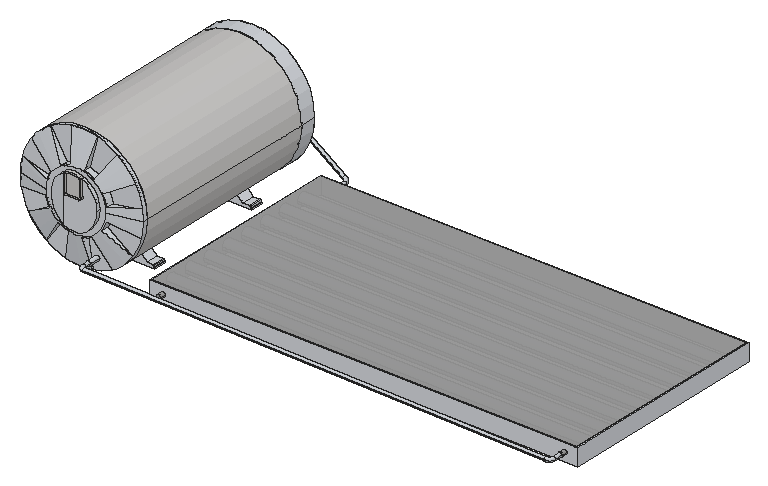
Revit family
Parameters (values of type "1070 X 594 SOL-150-DC")
  Number Of Solar Collector Panels (m2) = "1 X SOL-panel-2"
  Heater Diameter = Height - 14 mm  # 580 mm
  URL = "http://www.autospec.co.za/browse.php?id=201327504"
  Product Code = "SOL-150-DIR"
  Operating Pressure = 400 kPa
  OmniClass Title = ""
  OmniClass Number = ""
  Modspec Classification = ""
  Specification = ""
  Material = Galvanised Steel
  Mass (Kg) = "42"
  Location (revit room) = ""
  Model = "Solar Water Heater Direct System 150 Litres"
  Manufacturer = "Kwikot"  # constant formula
  Length = 1070 mm
  Height = 594 mm
  Element Rating = 2 kW
  Hot Water Pipe Radius = Hot Water Pipe Diameter / 2  # 10 mm
  Cold Water Pipe Radius = Cold Water Pipe Diameter / 2  # 10 mm
  Hot Water Pipe Diameter = 20 mm
  Cold Water Pipe Diameter = 20 mm
  Cap Material = Metal Cap - Steel
  Colour = none
  Capacity (Litres) = 150.00 L
  Body Finish = none
  Base Mounting = 565 mm
  Assembly Code = "D3010500"
Reference planes
  plane 1 "Center (Front/Back)": y = 0
  plane 2 "Bottom": z = 0
  plane 3 "Center (Left/Right)": x = 0
  plane 4 "Right": x = 580
  plane 5: y = 1070
  plane 6 "Top": z = 594
  plane 7: x = 290
  plane 8: z = 14
  plane 9: z = 304
  plane 10: y = 535
  plane 11: y = 970
  plane 12: y = 65
  plane 13: y = 817.5
  plane 14: y = 252.5
  plane 15: x = 467.5
  plane 16: x = 112.5
  plane 17: z = 80
  plane 18: y = 50
  plane 19: y = 15
  plane 20: y = 1045
Forms (mm)
  Extrusion 1, solid, material "Galvanised Steel"
    sketch origin (-115.446, 535, 1200) x (-1, 0, 0) y (0, 0, 1)
      loop
        circle (-405.446, -896) r 290
    from -470 to 435
  Extrusion 2, solid
    sketch origin (-115.446, 252.5, 1200) x (-1, 0, 0) y (0, 0, 1)
      loop
        line (-202.946, -1200) -> (-202.946, -1197) -> (-205.446, -1197)
        arc (-205.446, -1197) -> (-207.567, -1196.121) -> (-208.446, -1194) r 3
        line (-208.446, -1194) -> (-208.446, -1189)
        arc (-208.446, -1189) -> (-209.325, -1186.879) -> (-211.446, -1186) r 3
        line (-211.446, -1186) -> (-242.946, -1186) -> (-274.296, -1154.65)
        arc (-274.296, -1154.65) -> (-405.446, -1186) -> (-536.596, -1154.65) r 290
        line (-536.596, -1154.65) -> (-567.946, -1186) -> (-599.446, -1186)
        arc (-599.446, -1186) -> (-601.567, -1186.879) -> (-602.446, -1189) r 3
        line (-602.446, -1189) -> (-602.446, -1194)
        arc (-602.446, -1194) -> (-603.325, -1196.121) -> (-605.446, -1197) r 3
        line (-605.446, -1197) -> (-607.946, -1197) -> (-607.946, -1200) -> (-202.946, -1200)
    from -30 to 30
  Extrusion 3, solid
    sketch origin (-115.446, 817.5, 1200) x (-1, 0, 0) y (0, 0, 1)
      loop
        line (-607.946, -1200) -> (-202.946, -1200) -> (-202.946, -1197) -> (-205.446, -1197)
        arc (-205.446, -1197) -> (-207.567, -1196.121) -> (-208.446, -1194) r 3
        line (-208.446, -1194) -> (-208.446, -1189)
        arc (-208.446, -1189) -> (-209.325, -1186.879) -> (-211.446, -1186) r 3
        line (-211.446, -1186) -> (-242.946, -1186) -> (-274.296, -1154.65)
        arc (-274.296, -1154.65) -> (-405.446, -1186) -> (-536.596, -1154.65) r 290
        line (-536.596, -1154.65) -> (-567.946, -1186) -> (-599.446, -1186)
        arc (-599.446, -1186) -> (-601.567, -1186.879) -> (-602.446, -1189) r 3
        line (-602.446, -1189) -> (-602.446, -1194)
        arc (-602.446, -1194) -> (-603.325, -1196.121) -> (-605.446, -1197) r 3
        line (-605.446, -1197) -> (-607.946, -1197) -> (-607.946, -1200)
    from -30 to 30
  Revolve 4, solid
    sketch origin (-107.909, 2594, 304) x (-1, 0, 0) y (0, -1, 0)
      loop
        line (-107.909, 1624) -> (-397.909, 1624) -> (-397.909, 1549) -> (-107.909, 1549) -> (-107.909, 1624)
      axis (-397.909, 1624) -> (-397.909, 1549)
    angle from 0 to 360
  Extrusion 5, solid
    sketch origin (0, 0, 0) x (1, 0, 0) y (0, 0, 1)
      loop
        circle (360, 74) r 10
    from -50 to 0
  Extrusion 6, solid
    sketch origin (-115.446, 1070, 1200) x (-1, 0, 0) y (0, 0, 1)
      loop
        circle (-405.446, -896) r 10
    from 0 to 15
  Blend 7, solid
    base sketch origin (-115.446, 15, 1200) x (-1, 0, 0) y (0, 0, 1)
      loop
        circle (-405.446, -896) r 140
    top sketch origin (-115.446, 15, 1200) x (-1, 0, 0) y (0, 0, 1)
      loop
        circle (-405.446, -896) r 290
    from 0 to 35
  Extrusion 8, void
    sketch origin (-115.446, 15, 1200) x (1, 0, 0) y (0, 0, 1)
      loop
        arc (442.975, -755.941) -> (466.725, -764.585) -> (488.614, -777.223) r 145
        line (488.614, -777.223) -> (571.783, -658.446)
        arc (571.783, -658.446) -> (528.005, -633.171) -> (480.503, -615.882) r 290
        line (480.503, -615.882) -> (442.975, -755.941)
    from 0 to -35
  Extrusion 9, void
    sketch origin (636.874, 15, 1224.261) x (0.707107, 0, -0.707107) y (0.707107, 0, 0.707107)
      loop
        arc (442.975, -755.941) -> (466.725, -764.585) -> (488.614, -777.223) r 145
        line (488.614, -777.223) -> (571.783, -658.446)
        arc (571.783, -658.446) -> (528.005, -633.171) -> (480.503, -615.882) r 290
        line (480.503, -615.882) -> (442.975, -755.941)
    from 0 to -35
  Extrusion 10, void
    sketch origin (1186, 15, 709.446) x (0, 0, -1) y (1, 0, 0)
      loop
        arc (442.975, -755.941) -> (466.725, -764.585) -> (488.614, -777.223) r 145
        line (488.614, -777.223) -> (571.783, -658.446)
        arc (571.783, -658.446) -> (528.005, -633.171) -> (480.503, -615.882) r 290
        line (480.503, -615.882) -> (442.975, -755.941)
    from 0 to -35
  Extrusion 11, void
    sketch origin (1210.261, 15, -42.874) x (-0.707107, 0, -0.707107) y (0.707107, 0, -0.707107)
      loop
        arc (442.975, -755.941) -> (466.725, -764.585) -> (488.614, -777.223) r 145
        line (488.614, -777.223) -> (571.783, -658.446)
        arc (571.783, -658.446) -> (528.005, -633.171) -> (480.503, -615.882) r 290
        line (480.503, -615.882) -> (442.975, -755.941)
    from 0 to -35
  Extrusion 12, void
    sketch origin (695.446, 15, -592) x (-1, 0, 0) y (0, 0, -1)
      loop
        arc (442.975, -755.941) -> (466.725, -764.585) -> (488.614, -777.223) r 145
        line (488.614, -777.223) -> (571.783, -658.446)
        arc (571.783, -658.446) -> (528.005, -633.171) -> (480.503, -615.882) r 290
        line (480.503, -615.882) -> (442.975, -755.941)
    from 0 to -35
  Extrusion 13, void
    sketch origin (-56.874, 15, -616.261) x (-0.707107, 0, 0.707107) y (-0.707107, 0, -0.707107)
      loop
        arc (442.975, -755.941) -> (466.725, -764.585) -> (488.614, -777.223) r 145
        line (488.614, -777.223) -> (571.783, -658.446)
        arc (571.783, -658.446) -> (528.005, -633.171) -> (480.503, -615.882) r 290
        line (480.503, -615.882) -> (442.975, -755.941)
    from 0 to -35
  Extrusion 14, void
    sketch origin (-606, 15, -101.446) x (0, 0, 1) y (-1, 0, 0)
      loop
        arc (442.975, -755.941) -> (466.725, -764.585) -> (488.614, -777.223) r 145
        line (488.614, -777.223) -> (571.783, -658.446)
        arc (571.783, -658.446) -> (528.005, -633.171) -> (480.503, -615.882) r 290
        line (480.503, -615.882) -> (442.975, -755.941)
    from 0 to -35
  Extrusion 15, void
    sketch origin (-630.261, 15, 650.874) x (0.707107, 0, 0.707107) y (-0.707107, 0, 0.707107)
      loop
        arc (442.975, -755.941) -> (466.725, -764.585) -> (488.614, -777.223) r 145
        line (488.614, -777.223) -> (571.783, -658.446)
        arc (571.783, -658.446) -> (528.005, -633.171) -> (480.503, -615.882) r 290
        line (480.503, -615.882) -> (442.975, -755.941)
    from 0 to -35
  Extrusion 16, solid
    sketch origin (0, 0, 0) x (1, 0, 0) y (0, 0, 1)
      loop
        spline (179.867, 304.02) -> (183.615, 272.962) -> (194.604, 244.02) -> (212.085, 219.167) -> (234.867, 200.097) -> (261.396, 188.109) -> (289.867, 184.02) -> (318.337, 188.109) -> (344.867, 200.097) -> (367.648, 219.167) -> (385.129, 244.02) -> (396.118, 272.962) -> (399.867, 304.02)
        spline (399.867, 304.02) -> (396.118, 335.078) -> (385.129, 364.02) -> (367.648, 388.873) -> (344.867, 407.943) -> (318.337, 419.931) -> (289.867, 424.02) -> (261.396, 419.931) -> (234.867, 407.943) -> (212.085, 388.873) -> (194.604, 364.02) -> (183.615, 335.078) -> (179.867, 304.02)
    from 0 to -15
  Sweep 17, solid
    path origin (2560, 0, 40) x (-0.999881, 0, 0.015453) y (0, -1, 0)
      loop
        line (2200.263, 0) -> (2200.263, 29.513)
        arc (2200.263, 29.513) -> (2194.405, 43.656) -> (2180.263, 49.513) r 20
        line (2180.263, 49.513) -> (20, 49.513)
        arc (20, 49.513) -> (5.858, 43.656) -> (0, 29.513) r 20
        line (0, 29.513) -> (0, -10)
    profile origin (360, -14.757, 74) x (0.999881, 0, -0.015453) y (0.015453, 0, 0.999881)
      loop
        circle (0, 0) r 8
  Extrusion 18, solid
    sketch origin (1480.036, 65, 1200) x (1, 0, 0) y (0, 0, 1)
      loop
        circle (-1190.036, -896) r 290
    from 0 to 15
  Blend 19, solid
    base sketch origin (-115.446, 1070, 1200) x (-1, 0, 0) y (0, 0, 1)
      loop
        circle (-405.446, -896) r 140
    top sketch origin (-115.446, 1070, 1200) x (-1, 0, 0) y (0, 0, 1)
      loop
        circle (-405.446, -896) r 290
    from 0 to -25
  Extrusion 20, void
    sketch origin (-115.446, 1070, 1200) x (1, 0, 0) y (0, 0, 1)
      loop
        arc (332.946, -770.426) -> (355.853, -759.745) -> (380.267, -753.203) r 145
        line (380.267, -753.203) -> (355.088, -610.406)
        arc (355.088, -610.406) -> (306.26, -623.489) -> (260.446, -644.853) r 290
        line (260.446, -644.853) -> (332.946, -770.426)
    from 0 to 25
  Extrusion 21, void
    sketch origin (-630.261, 1070, 650.874) x (0.707107, 0, 0.707107) y (-0.707107, 0, 0.707107)
      loop
        arc (332.946, -770.426) -> (355.853, -759.745) -> (380.267, -753.203) r 145
        line (380.267, -753.203) -> (355.088, -610.406)
        arc (355.088, -610.406) -> (306.26, -623.489) -> (260.446, -644.853) r 290
        line (260.446, -644.853) -> (332.946, -770.426)
    from 0 to 25
  Extrusion 22, void
    sketch origin (-606, 1070, -101.446) x (0, 0, 1) y (-1, 0, 0)
      loop
        arc (332.946, -770.426) -> (355.853, -759.745) -> (380.267, -753.203) r 145
        line (380.267, -753.203) -> (355.088, -610.406)
        arc (355.088, -610.406) -> (306.26, -623.489) -> (260.446, -644.853) r 290
        line (260.446, -644.853) -> (332.946, -770.426)
    from 0 to 25
  Extrusion 23, void
    sketch origin (-56.874, 1070, -616.261) x (-0.707107, 0, 0.707107) y (-0.707107, 0, -0.707107)
      loop
        arc (332.946, -770.426) -> (355.853, -759.745) -> (380.267, -753.203) r 145
        line (380.267, -753.203) -> (355.088, -610.406)
        arc (355.088, -610.406) -> (306.26, -623.489) -> (260.446, -644.853) r 290
        line (260.446, -644.853) -> (332.946, -770.426)
    from 0 to 25
  Extrusion 24, void
    sketch origin (695.446, 1070, -592) x (-1, 0, 0) y (0, 0, -1)
      loop
        arc (332.946, -770.426) -> (355.853, -759.745) -> (380.267, -753.203) r 145
        line (380.267, -753.203) -> (355.088, -610.406)
        arc (355.088, -610.406) -> (306.26, -623.489) -> (260.446, -644.853) r 290
        line (260.446, -644.853) -> (332.946, -770.426)
    from 0 to 25
  Extrusion 25, void
    sketch origin (1210.261, 1070, -42.874) x (-0.707107, 0, -0.707107) y (0.707107, 0, -0.707107)
      loop
        arc (332.946, -770.426) -> (355.853, -759.745) -> (380.267, -753.203) r 145
        line (380.267, -753.203) -> (355.088, -610.406)
        arc (355.088, -610.406) -> (306.26, -623.489) -> (260.446, -644.853) r 290
        line (260.446, -644.853) -> (332.946, -770.426)
    from 0 to 25
  Extrusion 26, void
    sketch origin (1186, 1070, 709.446) x (0, 0, -1) y (1, 0, 0)
      loop
        arc (332.946, -770.426) -> (355.853, -759.745) -> (380.267, -753.203) r 145
        line (380.267, -753.203) -> (355.088, -610.406)
        arc (355.088, -610.406) -> (306.26, -623.489) -> (260.446, -644.853) r 290
        line (260.446, -644.853) -> (332.946, -770.426)
    from 0 to 25
  Extrusion 27, void
    sketch origin (636.874, 1070, 1224.261) x (0.707107, 0, -0.707107) y (0.707107, 0, 0.707107)
      loop
        arc (332.946, -770.426) -> (355.853, -759.745) -> (380.267, -753.203) r 145
        line (380.267, -753.203) -> (355.088, -610.406)
        arc (355.088, -610.406) -> (306.26, -623.489) -> (260.446, -644.853) r 290
        line (260.446, -644.853) -> (332.946, -770.426)
    from 0 to 25
  Sweep 28, solid
    path origin (680, 1070, 40) x (-0.828109, 0, 0.560566) y (0, 1, 0)
      loop
        line (0, -10) -> (0, 27.5)
        arc (0, 27.5) -> (5.858, 41.642) -> (20, 47.5) r 20
        line (20, 47.5) -> (455.952, 47.5)
        arc (455.952, 47.5) -> (466.559, 43.107) -> (470.952, 32.5) r 15
        line (470.952, 32.5) -> (470.952, 15)
    profile origin (680, 1078.75, 40) x (0.828109, 0, -0.560566) y (-0.560566, 0, -0.828109)
      loop
        circle (0, 0) r 8
  Extrusion 29, void
    sketch origin (-107.909, -1524, 304) x (0, -1, 0) y (-1, 0, 0)
      loop
        line (-1524, -353.804) -> (-1524, -287.776) -> (-1534, -287.776) -> (-1524, -353.804)
    from -120 to 120
  Extrusion 30, solid, material "Galvanised Steel" <- "Material"
    sketch origin (0, 0, 0) x (1, 0, 0) y (0, 0, 1)
      loop
        line (260, 329) -> (320, 329)
        arc (320, 329) -> (327.071, 331.929) -> (330, 339) r 10
        line (330, 339) -> (330, 417.251)
        arc (330, 417.251) -> (328.367, 422.729) -> (324, 426.417) r 10
        arc (324, 426.417) -> (290, 433.513) -> (256, 426.417) r 85
        arc (256, 426.417) -> (251.633, 422.729) -> (250, 417.251) r 10
        line (250, 417.251) -> (250, 339)
        arc (250, 339) -> (252.929, 331.929) -> (260, 329) r 10
    from -5 to 10
  Extrusion 31, void
    sketch origin (0, 0, 0) x (-1, 0, 0) y (0, 0, 1)
      loop
        arc (-258, 421.834) -> (-290, 428.513) -> (-322, 421.834) r 80
        arc (-322, 421.834) -> (-324.183, 419.99) -> (-325, 417.251) r 5
        line (-325, 417.251) -> (-325, 339)
        arc (-325, 339) -> (-323.536, 335.464) -> (-320, 334) r 5
        line (-320, 334) -> (-260, 334)
        arc (-260, 334) -> (-256.464, 335.464) -> (-255, 339) r 5
        line (-255, 339) -> (-255, 417.251)
        arc (-255, 417.251) -> (-255.817, 419.99) -> (-258, 421.834) r 5
    from -10 to -5
Cuts and joins
  Extrusion 8, Extrusion 9, Extrusion 10, Extrusion 11, Extrusion 12, Extrusion 13, Extrusion 14, Extrusion 15 cuts Blend 7
  Extrusion 20, Extrusion 21 cuts Extrusion 6
  Extrusion 20, Extrusion 21, Extrusion 22, Extrusion 23, Extrusion 24, Extrusion 25, Extrusion 26, Extrusion 27 cuts Blend 19
  Extrusion 21, Extrusion 22, Extrusion 23, Extrusion 24, Extrusion 25, Extrusion 26, Extrusion 27 cuts Revolve 4
  Extrusion 29 cuts Extrusion 16
  Extrusion 31 cuts Extrusion 30
Lines and regions (mm)
  symbolic lines
    curve 1: line (580, 970, 594) -> (0, 970, 594)
    curve 2: line (2620, 1035, 0) -> (620, 1035, 0)
    curve 3: line (620, 35, 0) -> (2620, 35, 0)
    curve 4: line (2620, 35, 0) -> (2620, 1035, 0)
    curve 5: line (2550, 10, 0) -> (2570, 10, 0)
    curve 6: line (2570, 10, 0) -> (2570, 35, 0)
    curve 7: line (2550, 10, 0) -> (2550, 35, 0)
    curve 8: line (580, 65, 594) -> (0, 65, 594)
    curve 9: line (624, 145, 0) -> (2616, 145, 0)
    curve 10: line (2616, 255, 0) -> (624, 255, 0)
    curve 11: line (624, 365, 0) -> (2616, 365, 0)
    curve 12: line (2616, 475, 0) -> (624, 475, 0)
    curve 13: line (624, 585, 0) -> (2616, 585, 0)
    curve 14: line (2616, 695, 0) -> (624, 695, 0)
    curve 15: line (624, 805, 0) -> (2616, 805, 0)
    curve 16: line (2616, 915, 0) -> (624, 915, 0)
    curve 17: line (620, 1035, 0) -> (620, 35, 0)
    curve 18: line (670, 10, 0) -> (690, 10, 0)
    curve 19: line (690, 10, 0) -> (690, 35, 0)
    curve 20: line (670, 10, 0) -> (670, 35, 0)
    curve 37: line (624, 39, 0) -> (624, 1031, 0)
    curve 38: line (2616, 39, 0) -> (624, 39, 0)
    curve 39: line (624, 1031, 0) -> (2616, 1031, 0)
    curve 40: line (2616, 1031, 0) -> (2616, 39, 0)
    curve 43: line (2570, 1035, 0) -> (2570, 1060, 0)
    curve 44: line (2570, 1060, 0) -> (2550, 1060, 0)
    curve 45: line (2550, 1060, 0) -> (2550, 1035, 0)
    curve 50: line (245.894, 0, 0) -> (399.867, 0, 0)
    curve 51: line (399.867, 0, 0) -> (399.867, 15, 0)
    curve 52: line (150, 15, 0) -> (430, 15, 0)
    curve 53: line (0, 1045, 0) -> (0, 50, 0)
    curve 54: line (580, 50, 0) -> (580, 1045, 0)
    curve 55: line (0, 50, 0) -> (150, 15, 0)
    curve 56: line (430, 15, 0) -> (580, 50, 0)
    curve 57: line (430, 1070, 0) -> (150, 1070, 0)
    curve 58: line (0, 1045, 0) -> (150, 1070, 0)
    curve 59: line (580, 1045, 0) -> (430, 1070, 0)
    curve 60: line (352.006, 0, 0) -> (352.006, -29.509, 0)
    curve 61: line (380.006, -57.509, 0) -> (2539.994, -57.509, 0)
    curve 62: line (2567.994, 10, 0) -> (2567.994, -29.509, 0)
    curve 63: line (2552.006, 10, 0) -> (2552.006, -29.518, 0)
    curve 64: line (367.994, 0, 0) -> (367.994, -29.518, 0)
    curve 65: line (379.994, -41.518, 0) -> (2540.006, -41.518, 0)
    curve 66: arc (2539.994, -57.509, 0) -> (2559.793, -49.308, 0) -> (2567.994, -29.509, 0) r 28
    curve 67: arc (380.006, -57.509, 0) -> (360.207, -49.308, 0) -> (352.006, -29.509, 0) r 28
    curve 68: arc (379.994, -41.518, 0) -> (371.509, -38.003, 0) -> (367.994, -29.518, 0) r 12
    curve 69: arc (2540.006, -41.518, 0) -> (2548.491, -38.003, 0) -> (2552.006, -29.518, 0) r 12
    curve 70: line (690, 1060, 0) -> (670, 1060, 0)
    curve 71: line (690, 1060, 0) -> (690, 1035, 0)
    curve 72: line (670, 1060, 0) -> (670, 1035, 0)
    curve 73: line (672, 1060, 0) -> (672, 1099.534, 0)
    curve 74: line (662, 1109.534, 0) -> (303.969, 1109.534, 0)
    curve 75: line (297.969, 1103.534, 0) -> (297.969, 1085.296, 0)
    curve 76: line (281.996, 1085, 0) -> (281.996, 1103.972, 0)
    curve 77: line (688, 1060, 0) -> (688, 1099.972, 0)
    curve 78: line (303.496, 1125.472, 0) -> (662.5, 1125.472, 0)
    curve 79: arc (297.969, 1103.534, 0) -> (299.726, 1107.777, 0) -> (303.969, 1109.534, 0) r 6
    curve 80: arc (672, 1099.534, 0) -> (669.071, 1106.605, 0) -> (662, 1109.534, 0) r 10
    curve 81: arc (688, 1099.972, 0) -> (680.531, 1118.003, 0) -> (662.5, 1125.472, 0) r 25.5
    curve 82: arc (281.996, 1103.972, 0) -> (288.293, 1119.175, 0) -> (303.496, 1125.472, 0) r 21.5
    curve 83: line (0, 970, 0) -> (580, 970, 0)
    curve 84: line (580, 65, 0) -> (0, 65, 0)
    curve 85: line (580, 50, 0) -> (0, 50, 0)
    curve 86: line (0, 1045, 0) -> (580, 1045, 0)
    curve 89: line (245.894, 0, 0) -> (179.867, 10, 0)
    curve 90: line (179.867, 10, 0) -> (179.867, 15, 0)
    curve 91: line (370, 0, 0) -> (370, 50, 0)
    curve 92: line (350, 0, 0) -> (350, 50, 0)
    curve 93: line (300, 1085, 0) -> (300, 1070, 0)
    curve 94: line (280, 1085, 0) -> (280, 1070, 0)
    curve 95: line (300, 1085, 0) -> (280, 1085, 0)
    curve 96: line (250, -10, 0) -> (330, -10, 0)
    curve 97: line (325, -5, 0) -> (255, -5, 0)
    curve 98: line (330, 5, 0) -> (250, 5, 0)
    curve 99: line (330, -10, 0) -> (330, 5, 0)
    curve 100: line (325, -10, 0) -> (325, -5, 0)
    curve 101: line (255, -10, 0) -> (255, -5, 0)
    curve 102: line (250, -10, 0) -> (250, 5, 0)
  symbolic lines, not visible
    curve 21: line (620, 970, 80.5) -> (620, 65, 80.5)
    curve 22: line (670, 10, 80.5) -> (690, 10, 80.5)
    curve 23: line (2550, 10, 80.5) -> (2570, 10, 80.5)
    curve 24: line (2620, 65, 80.5) -> (2620, 970, 80.5)
    curve 25: line (624, 915, 80.5) -> (2616, 915, 80.5)
    curve 26: line (2616, 805, 80.5) -> (624, 805, 80.5)
    curve 27: line (624, 695, 80.5) -> (2616, 695, 80.5)
    curve 28: line (2616, 585, 80.5) -> (624, 585, 80.5)
    curve 29: line (624, 475, 80.5) -> (2616, 475, 80.5)
    curve 30: line (2616, 365, 80.5) -> (624, 365, 80.5)
    curve 31: line (624, 255, 80.5) -> (2616, 255, 80.5)
    curve 32: line (2616, 145, 80.5) -> (624, 145, 80.5)
    curve 33: line (670, 10, 80.5) -> (670, 35, 80.5)
    curve 34: line (690, 10, 80.5) -> (690, 35, 80.5)
    curve 35: line (2570, 10, 80.5) -> (2570, 35, 80.5)
    curve 36: line (2550, 10, 80.5) -> (2550, 35, 80.5)
    curve 41: line (624, 69, 80.5) -> (624, 966, 80.5)
    curve 42: line (2616, 966, 80.5) -> (2616, 69, 80.5)
  reference lines
    curve 46: line (2550, 0, 40) -> (2570, 0, 40)
    curve 47: line (2560, 0, 40) -> (360, 0, 74)
    curve 48: line (690, 1070, 40) -> (670, 1070, 40)
    curve 49: line (680, 1070, 40) -> (290, 1070, 304)
    curve 87: line (300, 1070, 304) -> (280, 1070, 304)
    curve 88: line (350, 0, 74) -> (370, 0, 74)
Dimensions and locks
  "Heater Diameter": plane 3 "Center (Left/Right)" to plane 4 "Right"
  equal spacing: plane 3 "Center (Left/Right)", plane 7, plane 4 "Right"
  "Length": plane 1 "Center (Front/Back)" to plane 5
  equal spacing: plane 5, plane 10, plane 1 "Center (Front/Back)"
  plane 1 "Center (Front/Back)" to plane 12 = 65 mm
  plane 5 to plane 11 = 100 mm
  "Height": plane 6 "Top" to plane 2 "Bottom"
  "Heater Diameter": plane 6 "Top" to plane 8
  plane 13 to plane 14 = 565 mm
  equal spacing: plane 13, plane 10, plane 14
  plane 16 to plane 15 = 355 mm
  equal spacing: plane 16, plane 7, plane 15
  plane 17 to level = 80 mm
  locked: plane 10 to nested 1 at 500
  plane 7 to Extrusion 5 sketch curve = 80 mm
  plane 9 to Extrusion 5 sketch curve = 240 mm
  plane 18 to plane 12 = 15 mm
  plane 19 to plane 1 "Center (Front/Back)" = 15 mm
  plane 5 to plane 20 = 25 mm
  plane 7 to Extrusion 6 sketch curve = 0 mm
  Extrusion 6 sketch curve to plane 9 = 0 mm
  Extrusion 30 sketch curve to plane 7 = 40 mm  (x2)
  radius of Extrusion 1 sketch curve = 290 mm
  "Cold Water Pipe Radius": radius of Extrusion 5 sketch curve
  "Hot Water Pipe Radius": radius of Extrusion 6 sketch curve
  aligned and locked: level to plane 2 "Bottom"
  aligned and locked: plane 11 to Extrusion 1
  aligned and locked: plane 12 to Extrusion 1
  aligned and locked: plane 2 "Bottom" to Extrusion 2 sketch curve
  aligned and locked: Extrusion 2 sketch curve to Extrusion 1
  aligned and locked: Extrusion 3 sketch curve to Extrusion 2  (x12)
  aligned and locked: Revolve 4 sketch curve to plane 7  (x2)
  aligned and locked: Revolve 4 sketch curve to plane 3 "Center (Left/Right)"
  aligned and locked: Revolve 4 sketch curve to plane 11
  aligned: curve 1 to Revolve 4
  aligned and locked: nested 1 to curve 2
  aligned and locked: curve 4 to nested 1
  aligned and locked: curve 3 to nested 1
  aligned and locked: curve 5 to nested 1
  aligned and locked: curve 17 to nested 1
  aligned and locked: curve 18 to nested 1
  aligned and locked: curve 37 to nested 1
  aligned and locked: curve 38 to nested 1
  aligned and locked: curve 39 to nested 1
  aligned and locked: curve 40 to nested 1
  aligned: Blend 7 to plane 12
  aligned and locked: plane 19 to Extrusion 16
  aligned and locked: Extrusion 5 to plane 18
  aligned and locked: plane 1 "Center (Front/Back)" to Extrusion 5
  aligned and locked: plane 20 to Revolve 4 sketch curve
  aligned and locked: nested 1 to Sweep 28 sketch curve
  aligned and locked: Extrusion 16 to curve 50
  aligned: curve 51 to Extrusion 16
  aligned and locked: curve 52 to cut or joined group 1 (Blend 7, Extrusion 8, Extrusion 9, Extrusion 10, Extrusion 11, Extrusion 12, Extrusion 13, Extrusion 14, Extrusion 15)
  aligned and locked: curve 53 to plane 3 "Center (Left/Right)"
  aligned and locked: curve 54 to plane 4 "Right"
  aligned and locked: curve 57 to cut or joined group of Blend 19, Extrusion 20, Extrusion 21, Extrusion 22, Extrusion 23, Extrusion 24, Extrusion 25, Extrusion 26, Extrusion 27
  aligned and locked: nested 1 to Sweep 17 sketch curve
  aligned and locked: curve 70 to nested 1
  aligned and locked: curve 83 to cut or joined group 2 (Revolve 4, Extrusion 21, Extrusion 22, Extrusion 23, Extrusion 24, Extrusion 25, Extrusion 26, Extrusion 27)
  aligned and locked: curve 84 to Extrusion 18
  aligned and locked: curve 85 to cut or joined group 1
  aligned and locked: curve 86 to cut or joined group 2
  aligned and locked: curve 90 to cut or joined group of Extrusion 16, Extrusion 29
  aligned and locked: Extrusion 6 to plane 5
  aligned and locked: curve 91 to curve 88
  aligned and locked: curve 92 to curve 88
  aligned and locked: curve 93 to curve 87
  aligned and locked: curve 94 to curve 87
  aligned and locked: curve 95 to cut or joined group of Extrusion 6, Extrusion 20, Extrusion 21
  aligned and locked: curve 96 to cut or joined group of Extrusion 30, Extrusion 31
  aligned and locked: curve 97 to cut or joined group of Extrusion 30, Extrusion 31
  aligned and locked: curve 98 to cut or joined group of Extrusion 30, Extrusion 31
Automatic sketch dimensions
  plane 7 to Extrusion 1 sketch curve = 0 mm
  Extrusion 1 sketch curve to plane 9 = 0 mm
  Extrusion 2 sketch curve to plane 8 = 0 mm  (x2)
  plane 8 to Extrusion 2 sketch curve = 31.35 mm  (x2)
  plane 15 to Extrusion 2 sketch curve = 15 mm
  Extrusion 2 sketch curve to plane 15 = 16.5 mm
  Extrusion 2 sketch curve to Extrusion 2 sketch curve = 3 mm  (x3)
  level to Extrusion 2 sketch curve = 3 mm  (x2)
  Extrusion 2 sketch curve to Extrusion 2 sketch curve = 2.5 mm  (x2)
  Extrusion 2 sketch curve to plane 16 = 15 mm
  Extrusion 2 sketch curve to plane 8 = 3 mm
  plane 16 to Extrusion 2 sketch curve = 16.5 mm
  plane 5 to Revolve 4 sketch curve = 20 mm
  Revolve 4 sketch curve to plane 11 = 35 mm
  curve 1 to plane 11 = 0 mm
  plane 12 to curve 8 = 0 mm
  plane 14 to curve 10 = 2.5 mm
  curve 15 to plane 13 = 12.5 mm
  curve 3 to curve 20 = 50 mm
  curve 18 to curve 18 = 20 mm
  curve 5 to curve 3 = 70 mm
  curve 7 to curve 6 = 20 mm
  plane 10 to curve 13 = 50 mm
  curve 9 to plane 14 = 107.5 mm
  curve 10 to curve 11 = 110 mm
  curve 12 to plane 10 = 60 mm
  curve 14 to curve 15 = 110 mm
  plane 13 to curve 16 = 97.5 mm
  curve 42 to plane 11 = 4 mm
  curve 42 to plane 4 "Right" = 2036 mm
  curve 8 to plane 4 "Right" = 0 mm
  curve 1 to plane 4 "Right" = 0 mm
  curve 8 to plane 3 "Center (Left/Right)" = 0 mm
  curve 1 to plane 3 "Center (Left/Right)" = 0 mm
  plane 7 to Blend 7 sketch curve = 0 mm  (x2)
  Blend 7 sketch curve to plane 9 = 0 mm  (x2)
  Extrusion 8 sketch curve to Extrusion 8 sketch curve = 0 mm  (x2)
  Extrusion 8 sketch curve to Extrusion 8 sketch curve = 45.64 mm
  Extrusion 8 sketch curve to Extrusion 8 sketch curve = 37.529 mm  (x2)
  Extrusion 8 sketch curve to Extrusion 8 sketch curve = 91.28 mm
  Extrusion 8 sketch curve to Extrusion 8 sketch curve = 118.777 mm
  Extrusion 9 sketch curve to Extrusion 9 sketch curve = 0 mm  (x4)
  Extrusion 9 sketch curve to Extrusion 9 sketch curve = 45.64 mm
  Extrusion 9 sketch curve to Extrusion 9 sketch curve = 37.529 mm  (x2)
  Extrusion 9 sketch curve to Extrusion 9 sketch curve = 91.28 mm
  Extrusion 9 sketch curve to Extrusion 9 sketch curve = 118.777 mm  (x2)
  Extrusion 10 sketch curve to Extrusion 10 sketch curve = 0 mm  (x4)
  Extrusion 10 sketch curve to Extrusion 10 sketch curve = 45.64 mm
  Extrusion 10 sketch curve to Extrusion 10 sketch curve = 37.529 mm  (x2)
  Extrusion 10 sketch curve to Extrusion 10 sketch curve = 91.28 mm
  Extrusion 10 sketch curve to Extrusion 10 sketch curve = 118.777 mm
  Extrusion 11 sketch curve to Extrusion 11 sketch curve = 0 mm  (x4)
  Extrusion 11 sketch curve to Extrusion 11 sketch curve = 45.64 mm
  Extrusion 11 sketch curve to Extrusion 11 sketch curve = 37.529 mm  (x2)
  Extrusion 11 sketch curve to Extrusion 11 sketch curve = 91.28 mm
  Extrusion 11 sketch curve to Extrusion 11 sketch curve = 118.777 mm  (x2)
  Extrusion 12 sketch curve to Extrusion 12 sketch curve = 0 mm  (x4)
  Extrusion 12 sketch curve to Extrusion 12 sketch curve = 45.64 mm
  Extrusion 12 sketch curve to Extrusion 12 sketch curve = 37.529 mm  (x2)
  Extrusion 12 sketch curve to Extrusion 12 sketch curve = 91.28 mm
  Extrusion 12 sketch curve to Extrusion 12 sketch curve = 118.777 mm
  Extrusion 13 sketch curve to Extrusion 13 sketch curve = 0 mm  (x4)
  Extrusion 13 sketch curve to Extrusion 13 sketch curve = 45.64 mm
  Extrusion 13 sketch curve to Extrusion 13 sketch curve = 37.529 mm  (x2)
  Extrusion 13 sketch curve to Extrusion 13 sketch curve = 91.28 mm
  Extrusion 13 sketch curve to Extrusion 13 sketch curve = 118.777 mm  (x2)
  Extrusion 14 sketch curve to Extrusion 14 sketch curve = 0 mm  (x4)
  Extrusion 14 sketch curve to Extrusion 14 sketch curve = 45.64 mm
  Extrusion 14 sketch curve to Extrusion 14 sketch curve = 37.529 mm  (x2)
  Extrusion 14 sketch curve to Extrusion 14 sketch curve = 91.28 mm
  Extrusion 14 sketch curve to Extrusion 14 sketch curve = 118.777 mm
  Extrusion 15 sketch curve to Extrusion 15 sketch curve = 0 mm  (x4)
  Extrusion 15 sketch curve to Extrusion 15 sketch curve = 45.64 mm
  Extrusion 15 sketch curve to Extrusion 15 sketch curve = 37.529 mm  (x2)
  Extrusion 15 sketch curve to Extrusion 15 sketch curve = 91.28 mm
  Extrusion 15 sketch curve to Extrusion 15 sketch curve = 118.777 mm  (x2)
  plane 7 to Extrusion 9 sketch curve = 0 mm
  Extrusion 9 sketch curve to plane 9 = 0 mm
  plane 7 to Extrusion 10 sketch curve = 0 mm
  Extrusion 10 sketch curve to plane 9 = 0 mm
  plane 4 "Right" to Extrusion 10 sketch curve = 52.446 mm
  plane 7 to Extrusion 11 sketch curve = 0 mm
  Extrusion 11 sketch curve to plane 9 = 0 mm
  plane 7 to Extrusion 12 sketch curve = 0 mm
  Extrusion 12 sketch curve to plane 9 = 0 mm
  Extrusion 12 sketch curve to plane 17 = 13.554 mm
  plane 7 to Extrusion 13 sketch curve = 0 mm
  Extrusion 13 sketch curve to plane 9 = 0 mm
  plane 7 to Extrusion 14 sketch curve = 0 mm
  Extrusion 14 sketch curve to plane 9 = 0 mm
  plane 3 "Center (Left/Right)" to Extrusion 14 sketch curve = 52.446 mm
  plane 7 to Extrusion 15 sketch curve = 0 mm
  Extrusion 15 sketch curve to plane 9 = 0 mm
  Sweep 17 sketch curve to profile plane = 0 mm  (x2)
  plane 7 to Extrusion 18 sketch curve = 0 mm
  Extrusion 18 sketch curve to plane 9 = 0 mm
  plane 7 to Blend 19 sketch curve = 0 mm  (x2)
  Blend 19 sketch curve to plane 9 = 0 mm  (x2)
  Extrusion 20 sketch curve to Extrusion 20 sketch curve = 47.321 mm
  Extrusion 20 sketch curve to Extrusion 20 sketch curve = 0 mm  (x4)
  Extrusion 20 sketch curve to Extrusion 20 sketch curve = 72.5 mm  (x2)
  Extrusion 20 sketch curve to Extrusion 20 sketch curve = 94.642 mm
  Extrusion 20 sketch curve to Extrusion 20 sketch curve = 125.574 mm  (x2)
  Extrusion 21 sketch curve to Extrusion 21 sketch curve = 47.321 mm
  Extrusion 21 sketch curve to Extrusion 21 sketch curve = 0 mm  (x4)
  Extrusion 21 sketch curve to Extrusion 21 sketch curve = 72.5 mm  (x2)
  Extrusion 21 sketch curve to Extrusion 21 sketch curve = 94.642 mm
  Extrusion 21 sketch curve to Extrusion 21 sketch curve = 125.574 mm  (x2)
  Extrusion 22 sketch curve to Extrusion 22 sketch curve = 47.321 mm
  Extrusion 22 sketch curve to Extrusion 22 sketch curve = 0 mm  (x4)
  Extrusion 22 sketch curve to Extrusion 22 sketch curve = 72.5 mm  (x2)
  Extrusion 22 sketch curve to Extrusion 22 sketch curve = 94.642 mm
  Extrusion 22 sketch curve to Extrusion 22 sketch curve = 125.574 mm  (x2)
  Extrusion 23 sketch curve to Extrusion 23 sketch curve = 47.321 mm
  Extrusion 23 sketch curve to Extrusion 23 sketch curve = 0 mm  (x4)
  Extrusion 23 sketch curve to Extrusion 23 sketch curve = 72.5 mm  (x2)
  Extrusion 23 sketch curve to Extrusion 23 sketch curve = 94.642 mm
  Extrusion 23 sketch curve to Extrusion 23 sketch curve = 125.574 mm  (x2)
  Extrusion 24 sketch curve to Extrusion 24 sketch curve = 47.321 mm
  Extrusion 24 sketch curve to Extrusion 24 sketch curve = 0 mm  (x4)
  Extrusion 24 sketch curve to Extrusion 24 sketch curve = 72.5 mm  (x2)
  Extrusion 24 sketch curve to Extrusion 24 sketch curve = 94.642 mm
  Extrusion 24 sketch curve to Extrusion 24 sketch curve = 125.574 mm  (x2)
  Extrusion 25 sketch curve to Extrusion 25 sketch curve = 47.321 mm
  Extrusion 25 sketch curve to Extrusion 25 sketch curve = 0 mm  (x4)
  Extrusion 25 sketch curve to Extrusion 25 sketch curve = 72.5 mm  (x2)
  Extrusion 25 sketch curve to Extrusion 25 sketch curve = 94.642 mm
  Extrusion 25 sketch curve to Extrusion 25 sketch curve = 125.574 mm  (x2)
  Extrusion 26 sketch curve to Extrusion 26 sketch curve = 47.321 mm
  Extrusion 26 sketch curve to Extrusion 26 sketch curve = 0 mm  (x4)
  Extrusion 26 sketch curve to Extrusion 26 sketch curve = 72.5 mm  (x2)
  Extrusion 26 sketch curve to Extrusion 26 sketch curve = 94.642 mm
  Extrusion 26 sketch curve to Extrusion 26 sketch curve = 125.574 mm  (x2)
  Extrusion 27 sketch curve to Extrusion 27 sketch curve = 47.321 mm
  Extrusion 27 sketch curve to Extrusion 27 sketch curve = 0 mm  (x4)
  Extrusion 27 sketch curve to Extrusion 27 sketch curve = 72.5 mm  (x2)
  Extrusion 27 sketch curve to Extrusion 27 sketch curve = 94.642 mm
  Extrusion 27 sketch curve to Extrusion 27 sketch curve = 125.574 mm  (x2)
  plane 7 to Extrusion 20 sketch curve = 0 mm
  Extrusion 20 sketch curve to plane 9 = 0 mm
  plane 7 to Extrusion 21 sketch curve = 0 mm
  Extrusion 21 sketch curve to plane 9 = 0 mm
  plane 7 to Extrusion 22 sketch curve = 0 mm
  Extrusion 22 sketch curve to plane 9 = 0 mm
  plane 7 to Extrusion 23 sketch curve = 0 mm
  Extrusion 23 sketch curve to plane 9 = 0 mm
  plane 7 to Extrusion 24 sketch curve = 0 mm
  Extrusion 24 sketch curve to plane 9 = 0 mm
  plane 7 to Extrusion 25 sketch curve = 0 mm
  Extrusion 25 sketch curve to plane 9 = 0 mm
  plane 7 to Extrusion 26 sketch curve = 0 mm
  Extrusion 26 sketch curve to plane 9 = 0 mm
  plane 7 to Extrusion 27 sketch curve = 0 mm
  Extrusion 27 sketch curve to plane 9 = 0 mm
  profile plane to Sweep 28 sketch curve = 0 mm  (x2)
  Sweep 17 sketch curve to curve 47 = 0 mm  (x3)
  curve 47 to Sweep 17 sketch curve = 29.513 mm  (x2)
  curve 47 to Sweep 17 sketch curve = 20 mm
  curve 24 to plane 11 = 0 mm
  plane 12 to curve 24 = 0 mm
  curve 24 to plane 4 "Right" = 2040 mm
  curve 26 to plane 13 = 12.5 mm
  curve 24 to curve 26 = 4 mm
  plane 14 to curve 30 = 112.5 mm
  plane 14 to curve 31 = 2.5 mm
  curve 31 to curve 30 = 0 mm
  curve 29 to curve 30 = 0 mm
  plane 10 to curve 28 = 50 mm
  curve 28 to curve 29 = 0 mm
  curve 24 to curve 25 = 4 mm
  curve 27 to curve 28 = 0 mm
  curve 35 to plane 19 = 5 mm
  curve 35 to curve 36 = 20 mm
  curve 34 to plane 19 = 5 mm
  curve 34 to plane 4 "Right" = 110 mm
  curve 22 to curve 33 = 20 mm
  curve 30 to plane 4 "Right" = 44 mm
  curve 25 to plane 4 "Right" = 44 mm
  curve 32 to plane 4 "Right" = 44 mm
  curve 26 to plane 4 "Right" = 44 mm
  curve 29 to plane 4 "Right" = 44 mm
  curve 28 to plane 4 "Right" = 44 mm
  curve 27 to plane 4 "Right" = 44 mm
  curve 31 to plane 4 "Right" = 44 mm
  curve 25 to plane 11 = 55 mm
  curve 27 to curve 28 = 110 mm
  curve 29 to plane 10 = 60 mm
  curve 32 to plane 12 = 80 mm
  plane 18 to curve 36 = 15 mm
  plane 18 to curve 34 = 15 mm
  plane 18 to curve 33 = 15 mm
  plane 18 to curve 35 = 15 mm
  curve 42 to plane 12 = 4 mm
  curve 41 to plane 12 = 4 mm
  curve 41 to plane 11 = 4 mm
  curve 41 to plane 4 "Right" = 44 mm
  plane 12 to curve 21 = 0 mm
  curve 24 to curve 31 = 4 mm
  curve 24 to curve 32 = 4 mm
  curve 24 to curve 23 = 50 mm
  curve 21 to plane 4 "Right" = 40 mm
  curve 21 to plane 11 = 0 mm
  curve 87 to plane 9 = 0 mm
  plane 7 to curve 49 = 0 mm
  curve 87 to plane 7 = 10 mm
  plane 8 to curve 48 = 26 mm
  curve 48 to plane 4 "Right" = 90 mm
  curve 49 to curve 48 = 10 mm
  curve 48 to curve 49 = 10 mm
  curve 49 to curve 87 = 10 mm
  Sweep 28 sketch curve to curve 49 = 0 mm  (x2)
  curve 49 to Sweep 28 sketch curve = 15 mm
  curve 49 to Sweep 28 sketch curve = 27.5 mm
  curve 49 to Sweep 28 sketch curve = 32.5 mm
  curve 49 to Sweep 28 sketch curve = 20 mm
  curve 88 to plane 17 = 6 mm
  curve 88 to plane 7 = 60 mm
  curve 88 to curve 47 = 10 mm
  curve 47 to curve 88 = 10 mm
  plane 8 to curve 46 = 26 mm
  curve 46 to plane 4 "Right" = 1970 mm
  curve 46 to curve 47 = 10 mm
  curve 47 to curve 46 = 10 mm
  plane 9 to Extrusion 16 sketch curve = 0.02 mm
  Extrusion 16 sketch curve to plane 16 = 67.367 mm
  plane 7 to Extrusion 16 sketch curve = 0.133 mm
  Extrusion 29 sketch curve to plane 19 = 5 mm
  plane 1 "Center (Front/Back)" to Extrusion 29 sketch curve = 0 mm
  Extrusion 29 sketch curve to plane 16 = 67.367 mm
  plane 7 to Extrusion 29 sketch curve = 44.106 mm
  plane 7 to Extrusion 30 sketch curve = 0 mm
  Extrusion 30 sketch curve to Extrusion 30 sketch curve = 0 mm  (x2)
  Extrusion 30 sketch curve to Extrusion 30 sketch curve = 10 mm  (x3)
  plane 9 to Extrusion 30 sketch curve = 25 mm
  Extrusion 30 sketch curve to Extrusion 30 sketch curve = 9.513 mm
  Extrusion 30 sketch curve to Extrusion 30 sketch curve = 6 mm
  Extrusion 30 sketch curve to Extrusion 30 sketch curve = 4 mm
  plane 7 to Extrusion 31 sketch curve = 0 mm
  Extrusion 31 sketch curve to plane 7 = 30 mm  (x2)
  Extrusion 31 sketch curve to Extrusion 31 sketch curve = 2 mm  (x2)
  Extrusion 31 sketch curve to Extrusion 31 sketch curve = 0 mm  (x2)
  Extrusion 31 sketch curve to Extrusion 31 sketch curve = 5 mm
  plane 7 to Extrusion 31 sketch curve = 30 mm  (x2)
  plane 9 to Extrusion 31 sketch curve = 30 mm
  Extrusion 31 sketch curve to Extrusion 31 sketch curve = 9.513 mm
  curve 52 to plane 19 = 0 mm
  curve 57 to plane 5 = 0 mm
  plane 1 "Center (Front/Back)" to curve 50 = 0 mm
  plane 18 to curve 85 = 0 mm
  plane 12 to curve 84 = 0 mm
  curve 83 to plane 11 = 0 mm
  curve 86 to plane 20 = 0 mm
  curve 52 to curve 90 = 29.867 mm
  curve 57 to plane 16 = 37.5 mm
  plane 7 to curve 50 = 44.106 mm
  curve 50 to curve 102 = 4.106 mm
  curve 102 to curve 101 = 5 mm
  curve 94 to curve 76 = 1.996 mm
  curve 75 to plane 7 = 7.969 mm
  curve 78 to plane 7 = 13.496 mm
  curve 82 to curve 79 = 0.473 mm
  plane 1 "Center (Front/Back)" to curve 100 = 5 mm
  curve 100 to curve 92 = 25 mm
  curve 100 to curve 96 = 5 mm
  curve 96 to curve 60 = 22.006 mm
  curve 64 to curve 91 = 2.006 mm
  curve 64 to curve 65 = 12 mm
  curve 65 to curve 61 = 0.012 mm
  curve 91 to curve 50 = 29.867 mm
  plane 15 to curve 57 = 37.5 mm
  curve 51 to curve 52 = 30.133 mm
  plane 5 to curve 80 = 29.534 mm
  curve 80 to plane 4 "Right" = 82 mm
  curve 74 to curve 78 = 0.5 mm
  curve 72 to plane 5 = 10 mm
  curve 80 to curve 72 = 8 mm
  curve 81 to curve 73 = 9.5 mm
  curve 73 to curve 77 = 16 mm
  curve 71 to plane 20 = 10 mm
  curve 72 to curve 71 = 20 mm
  plane 1 "Center (Front/Back)" to curve 61 = 57.509 mm
  curve 61 to plane 4 "Right" = 1959.994 mm
  curve 66 to curve 69 = 0.012 mm
  curve 45 to plane 20 = 10 mm
  curve 66 to curve 45 = 10.006 mm
  curve 63 to plane 19 = 5 mm
  curve 66 to curve 63 = 12.012 mm
  curve 63 to curve 66 = 15.988 mm
  curve 43 to plane 5 = 10 mm
  curve 44 to curve 43 = 20 mm
  curve 68 to curve 67 = 12.009 mm
  curve 102 to curve 97 = 5 mm
  curve 98 to plane 1 "Center (Front/Back)" = 5 mm
  curve 62 to plane 19 = 5 mm
  curve 89 to curve 90 = 5 mm
  curve 43 to plane 20 = 10 mm
  curve 72 to plane 20 = 10 mm
  curve 93 to curve 75 = 0.296 mm
  curve 73 to curve 81 = 0.437 mm
  radius of Blend 7 sketch curve = 140 mm
  radius of Blend 7 sketch curve = 290 mm
  radius of Sweep 17 sketch curve = 8 mm
  radius of Extrusion 18 sketch curve = 290 mm
  radius of Blend 19 sketch curve = 140 mm
  radius of Blend 19 sketch curve = 290 mm
  radius of Sweep 28 sketch curve = 8 mm
Nested families
  nested 1: "Collector Panels" at (620, 35, 0), type "SOL-Panel-2"
Definition of nested family "Collector Panels"
  Parameters (values of type "SOL-Panel-2")
    Width Of Panel = 1000 mm
    Product Code = "SOL-Panel-2"
    Length Of Tubes = Length Of Panel - 8 mm  # 1992 mm
    Length Of Panel = 2000 mm
    Height Of Panel = 80 mm
  Types (4, lengths in mm): name | Product Code | Length Of Tubes | Length Of Panel
    (no name) | "SOL-Panel-2" | 1992 | 2000
    SOL-Panel-2 | "SOL-Panel-2" | 1992 | 2000
    SOL-Panel-2B | "SOL-Panel-2B" | 1992 | 2000
    SOL-Panel-2.5 | "SOL-Panel-2.5" | 2492 | 2500
  Reference planes
    plane 1 "Center (Front/Back)": y = 0
    plane 2: z = 0
    plane 3 "Center (Left/Right)": x = 0
    plane 4: y = 1000
    plane 5: x = 2000
    plane 6: z = 80
    plane 7: x = 4
    plane 8: x = 1996
    plane 9: x = 4
    plane 10: x = 4
    plane 11: x = 4
    plane 12: x = 4
    plane 13: x = 4
    plane 14: x = 4
    plane 15: x = 4
    plane 16: x = 4
    plane 17: y = 0
    plane 18: y = 0
  Forms (mm)
    Extrusion 1, solid
      sketch origin (0, 0, 0) x (1, 0, 0) y (0, 1, 0)
        loop
          line (0, 1000) -> (0, 0) -> (2000, 0) -> (2000, 1000) -> (0, 1000)
        loop
          line (4, 4) -> (1996, 4) -> (1996, 996) -> (4, 996) -> (4, 4)
      from 0 to 80
    Extrusion 2, solid, material "Panel Material"
      sketch origin (-173.965, -1524, 80) x (-1, 0, 0) y (0, -1, 0)
        loop
          line (-177.965, -1528) -> (-2169.965, -1528) -> (-2169.965, -2520) -> (-177.965, -2520) -> (-177.965, -1528)
      from 0 to -5
    Sweep 3, solid
      path origin (-173.965, -1524, 80) x (-1, 0, 0) y (0, -1, 0)
        loop
          line (-177.965, -1634) -> (-2169.965, -1634)
      profile origin (1000, 110, 80) x (0, 1, 0) y (0, 0, 1)
        loop
          circle (0, -40) r 25
    Sweep 4, solid
      path origin (-173.965, -1414, 80) x (-1, 0, 0) y (0, -1, 0)
        loop
          line (-177.965, -1634) -> (-2169.965, -1634)
      profile origin (1000, 220, 80) x (0, 1, 0) y (0, 0, 1)
        loop
          circle (0, -40) r 25
    Sweep 5, solid
      path origin (-173.965, -1304, 80) x (-1, 0, 0) y (0, -1, 0)
        loop
          line (-177.965, -1634) -> (-2169.965, -1634)
      profile origin (1000, 330, 80) x (0, 1, 0) y (0, 0, 1)
        loop
          circle (0, -40) r 25
    Sweep 6, solid
      path origin (-173.965, -1194, 80) x (-1, 0, 0) y (0, -1, 0)
        loop
          line (-177.965, -1634) -> (-2169.965, -1634)
      profile origin (1000, 440, 80) x (0, 1, 0) y (0, 0, 1)
        loop
          circle (0, -40) r 25
    Sweep 7, solid
      path origin (-173.965, -1084, 80) x (-1, 0, 0) y (0, -1, 0)
        loop
          line (-177.965, -1634) -> (-2169.965, -1634)
      profile origin (1000, 550, 80) x (0, 1, 0) y (0, 0, 1)
        loop
          circle (0, -40) r 25
    Sweep 8, solid
      path origin (-173.965, -974, 80) x (-1, 0, 0) y (0, -1, 0)
        loop
          line (-177.965, -1634) -> (-2169.965, -1634)
      profile origin (1000, 660, 80) x (0, 1, 0) y (0, 0, 1)
        loop
          circle (0, -40) r 25
    Sweep 9, solid
      path origin (-173.965, -864, 80) x (-1, 0, 0) y (0, -1, 0)
        loop
          line (-177.965, -1634) -> (-2169.965, -1634)
      profile origin (1000, 770, 80) x (0, 1, 0) y (0, 0, 1)
        loop
          circle (0, -40) r 25
    Sweep 10, solid
      path origin (-173.965, -754, 80) x (-1, 0, 0) y (0, -1, 0)
        loop
          line (-177.965, -1634) -> (-2169.965, -1634)
      profile origin (1000, 880, 80) x (0, 1, 0) y (0, 0, 1)
        loop
          circle (0, -40) r 25
    Extrusion 11, solid, material "Default"
      sketch origin (0, 0, 0) x (1, 0, 0) y (0, 0, 1)
        loop
          circle (60, 40) r 10
      from 0 to 25
    Extrusion 12, solid, material "Default"
      sketch origin (0, 0, 0) x (1, 0, 0) y (0, 0, 1)
        loop
          circle (1940, 40) r 10
      from 0 to 25
    Extrusion 13, solid, material "Default"
      sketch origin (0, 1000, 0) x (1, 0, 0) y (0, 0, -1)
        loop
          circle (60, -40) r 10
      from 0 to 25
    Extrusion 14, solid, material "Default"
      sketch origin (0, 1000, 0) x (1, 0, 0) y (0, 0, -1)
        loop
          circle (1940, -40) r 10
      from 0 to 25
  Dimensions and locks
    "Length Of Panel": plane 3 "Center (Left/Right)" to plane 5
    "Width Of Panel": plane 4 to plane 1 "Center (Front/Back)"
    "Height Of Panel": plane 6 to plane 2
    "Length Of Tubes": plane 7 to plane 8
    plane 3 "Center (Left/Right)" to Extrusion 1 sketch curve = 4 mm
    Extrusion 1 sketch curve to plane 5 = 4 mm
    plane 4 to Extrusion 1 sketch curve = 4 mm
    plane 1 "Center (Front/Back)" to Extrusion 1 sketch curve = 4 mm
    equal spacing: group 1, group 2, group 3, group 4, group 5, group 6, group 7, group 8  (x3)
    "Length Of Tubes": Sweep 3 sketch curve to Sweep 3 sketch curve
    "Length Of Tubes": Sweep 4 sketch curve to Sweep 4 sketch curve
    "Length Of Tubes": Sweep 5 sketch curve to Sweep 5 sketch curve
    "Length Of Tubes": Sweep 6 sketch curve to Sweep 6 sketch curve
    "Length Of Tubes": Sweep 7 sketch curve to Sweep 7 sketch curve
    "Length Of Tubes": Sweep 8 sketch curve to Sweep 8 sketch curve
    "Length Of Tubes": Sweep 9 sketch curve to Sweep 9 sketch curve
    "Length Of Tubes": Sweep 10 sketch curve to Sweep 10 sketch curve
    Extrusion 11 sketch curve to plane 3 "Center (Left/Right)" = 60 mm
    plane 6 to Extrusion 11 sketch curve = 40 mm
    Extrusion 12 sketch curve to plane 5 = 60 mm
    plane 6 to Extrusion 12 sketch curve = 40 mm
    locked: plane 3 "Center (Left/Right)" to plane 7 at 4
    aligned and locked: level to plane 2
    aligned and locked: Extrusion 1 sketch curve to plane 4
    aligned and locked: plane 3 "Center (Left/Right)" to Extrusion 1 sketch curve
    aligned and locked: Extrusion 1 sketch curve to plane 1 "Center (Front/Back)"
    aligned and locked: plane 5 to Extrusion 1 sketch curve
    aligned and locked: Extrusion 2 sketch curve to Extrusion 1  (x4)
    aligned and locked: profile plane to Sweep 3 sketch curve
    aligned and locked: profile plane to Sweep 4 sketch curve
    aligned and locked: profile plane to Sweep 5 sketch curve
    aligned and locked: profile plane to Sweep 6 sketch curve
    aligned and locked: profile plane to Sweep 7 sketch curve
    aligned and locked: profile plane to Sweep 8 sketch curve
    aligned and locked: profile plane to Sweep 9 sketch curve
    aligned and locked: profile plane to Sweep 10 sketch curve
    aligned and locked: plane 9 to plane 7
    aligned and locked: plane 9 to Sweep 3 sketch curve
    aligned and locked: plane 10 to Sweep 4 sketch curve
    aligned and locked: plane 11 to Sweep 5 sketch curve
    aligned and locked: plane 12 to Sweep 6 sketch curve
    aligned and locked: plane 13 to Sweep 7 sketch curve
    aligned and locked: plane 14 to Sweep 8 sketch curve
    aligned and locked: plane 15 to Sweep 9 sketch curve
    aligned and locked: plane 16 to Sweep 10 sketch curve
  Automatic sketch dimensions
    Sweep 3 sketch curve to profile plane = 40 mm
    Sweep 4 sketch curve to profile plane = 40 mm
    Sweep 5 sketch curve to profile plane = 40 mm
    Sweep 6 sketch curve to profile plane = 40 mm
    Sweep 7 sketch curve to profile plane = 40 mm
    Sweep 8 sketch curve to profile plane = 40 mm
    Sweep 9 sketch curve to profile plane = 40 mm
    Sweep 10 sketch curve to profile plane = 40 mm
    plane 7 to Extrusion 13 sketch curve = 56 mm
    level to Extrusion 13 sketch curve = 40 mm
    plane 8 to Extrusion 14 sketch curve = 56 mm
    level to Extrusion 14 sketch curve = 40 mm
    radius of Sweep 3 sketch curve = 25 mm
    radius of Sweep 4 sketch curve = 25 mm
    radius of Sweep 5 sketch curve = 25 mm
    radius of Sweep 6 sketch curve = 25 mm
    radius of Sweep 7 sketch curve = 25 mm
    radius of Sweep 8 sketch curve = 25 mm
    radius of Sweep 9 sketch curve = 25 mm
    radius of Sweep 10 sketch curve = 25 mm
    radius of Extrusion 11 sketch curve = 10 mm
    radius of Extrusion 12 sketch curve = 10 mm
    radius of Extrusion 13 sketch curve = 10 mm
    radius of Extrusion 14 sketch curve = 10 mm
